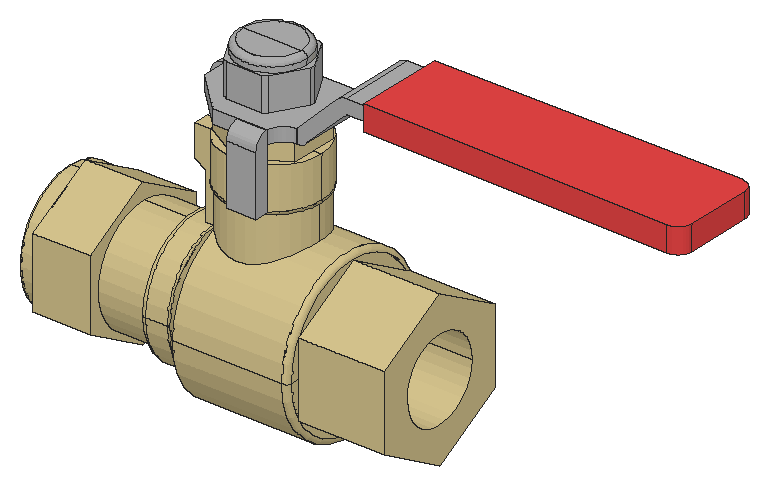
Revit family "QA11030000", category Apparecchi idraulici, Revit 2016
Family settings
  Tipo di parte = Normale
  Quota connettore circolare = Usa diametro
  Numero OmniClass = 23.45.00.00
  Titolo OmniClass = Sanitary, Laundry, and Cleaning Equipment
  Basato su piano di lavoro = No
  Sempre verticale = Sì
  Taglio con vuoti quando caricato = No
  Condiviso = No
  Punto di calcolo locali = No
Parameters
  URL = "https://web.cimberio.it/index.php/figura/202?subcategoria_id=42864"
  DN Model [instance] = QA11033110 : QA11033110
  DN [instance] = 15 mm
Reference planes
  plane 1 "Centro (Fronte/Retro)": y = 0
  plane 2: z = 0
  plane 3 "Centro (Sinistra/Destra)": x = 0
Dimensions and locks
  aligned and locked: level to plane 2
Nested families
  nested 1: "QA11033110" at (0, 0, 0), type <- "DN Model", type "QA11033110"
    with DN 10 mm
  nested 2: "QA11033110" at (0, 0, 0), type <- "DN Model", type "QA11033110"
    with DN 10 mm
  nested 3: "QA11033110" at (0, 0, 0), type <- "DN Model", type "QA11033110"
    with DN 10 mm
  nested 4: "QA11033110" at (0, 0, 0), type <- "DN Model", type "QA11033110"
    with DN 10 mm
  nested 5: "QA11033110" at (0, 0, 0), type <- "DN Model", type "QA11033110"
    with DN 10 mm
  nested 6: "QA11033110" at (0, 0, 0), type <- "DN Model", type "QA11033110"
    with DN 10 mm
  nested 7: "QA11033110" at (0, 0, 0), type <- "DN Model", type "QA11033110"
    with DN 10 mm
  nested 8: "QA11033110" at (0, 0, 0), type <- "DN Model", type "QA11033110"
    with DN 10 mm
Connectors
  piping at (30.343, 0, 0), diameter 15, driven by "DN"
    settings: on nested 1, index 1, connector inside diameter 609.6 mm, connector length 0 mm, flow factor 0, pipe flow 0.0 L/s, pressure drop 0.0 Pa, fitting loss kfactor 0, connector angle 0.00°, fixture units 0, engagement length 0 mm, angle of deflection 0.00°, flow configuration 0, flow direction 0, fitting loss method 0, system type 7, joint type 0, gender type 0, connector reference index -1, connector utility 0, adjustable connector no, is connector primary yes, connector description ""
  piping at (-34.048, 0, 0), diameter 15, driven by "DN"
    settings: on nested 1, index 2, connector inside diameter 609.6 mm, connector length 0 mm, flow factor 0, pipe flow 0.0 L/s, pressure drop 0.0 Pa, fitting loss kfactor 0, connector angle 0.00°, fixture units 0, engagement length 0 mm, angle of deflection 0.00°, flow configuration 0, flow direction 0, fitting loss method 0, system type 7, joint type 0, gender type 0, connector reference index -1, connector utility 0, adjustable connector no, is connector primary no, connector description ""
Definition of nested family "QA11033110"
  Parameters (values of type "QA11033110")
    DN [instance] = 10 mm  # constant formula
  Reference planes
    plane 1 "Centro (Fronte/Retro)": y = 0
    plane 2: z = 0
    plane 3 "Centro (Sinistra/Destra)": x = 0
  Forms (mm)
    Revolve 1, solid
      sketch origin (0, 0, 0) x (1, 0, 0) y (0, 1, 0)
        loop
          line (-14.5, 7.5) -> (14.6, 7.5) -> (14.6, 14)
          arc (14.6, 14) -> (14.307, 14.707) -> (13.6, 15) r 1
          line (13.6, 15) -> (-6.25, 15) -> (-8.888, 12.362)
          arc (-8.888, 12.362) -> (-9.236, 12.095) -> (-9.664, 12) r 1.013
          line (-9.664, 12) -> (-13.5, 12)
          arc (-13.5, 12) -> (-14.207, 11.707) -> (-14.5, 11) r 1
          line (-14.5, 11) -> (-14.5, 7.5)
        axis (-14.5, 0) -> (14.6, 0)
      angle from 0 to 360
    Revolve 2, solid
      sketch origin (0, 0, 0) x (1, 0, 0) y (0, 0, 1)
        loop
          line (-14.139, 10.375) -> (-26.587, 10.375) -> (-26.587, 7.5) -> (-14.139, 7.5) -> (-14.139, 10.375)
        axis (-26.587, 0) -> (-14.139, 0)
      angle from 0 to 360
    Extrusion 3, solid
      sketch origin (-9.918, 0, 0) x (0, 0, 1) y (0, 1, 0)
        loop
          circle (0, 0) r 7.5
        loop
          line (13.25, 0) -> (6.38, 11.9) -> (-6.38, 11.9) -> (-13.25, 0) -> (-6.38, -11.9) -> (6.38, -11.9) -> (13.25, 0)
      from 13.63 to 24.13
    Extrusion 4, solid
      sketch origin (11, 0, 0) x (0, 0, 1) y (0, -1, 0)
        loop
          circle (0, 0) r 7.5
        loop
          line (14, 0) -> (6.783, 12.5) -> (-6.783, 12.5) -> (-14, 0) -> (-6.783, -12.5) -> (6.783, -12.5) -> (14, 0)
      from 3.6 to 19.343
    Revolve 5, solid
      sketch origin (1.082, 0, 0) x (1, 0, 0) y (0, 0, 1)
        loop
          line (-35.13, 11.5) -> (-37.63, 11.5)
          arc (-37.63, 11.5) -> (-37.998, 11.287) -> (-38.13, 10.883) r 0.596
          line (-38.13, 10.883) -> (-38.13, 7.5) -> (-35.13, 7.5) -> (-35.13, 11.5)
        axis (-38.13, 0) -> (-35.13, 0)
      angle from 0 to 360
    Revolve 6, solid
      sketch origin (0, 0, 0) x (1, 0, 0) y (0, 0, 1)
        loop
          line (0.063, 29.299) -> (0.063, 11.623) -> (8.5, 11.623) -> (8.5, 21)
          arc (8.5, 21) -> (8.863, 21.294) -> (9, 21.742) r 0.8
          line (9, 21.742) -> (9, 29.299) -> (0.063, 29.299)
        axis (0.063, 11.623) -> (0.063, 29.299)
      angle from 0 to 360
    Extrusion 7, solid
      sketch origin (0, 0, 0) x (1, 0, 0) y (0, 0, 1)
        loop
          line (-13, 27.288) -> (-13, 21.5) -> (-11, 20.345) -> (-11, 10.345) -> (-7.86, 10.345) -> (-7.86, 27.288) -> (-13, 27.288)
      from -1.5 to 1.5
    Extrusion 8, solid
      sketch origin (0, 0, 28.55) x (1, 0, 0) y (0, 1, 0)
        loop
          line (0, 8.66) -> (-7.5, 4.33) -> (-7.5, -4.33) -> (0, -8.66) -> (7.5, -4.33) -> (7.5, 4.33) -> (0, 8.66)
      from 0.749 to 4.75
    Extrusion 9, solid
      sketch origin (0, 0, 28.55) x (1, 0, 0) y (0, 1, 0)
        loop
          circle (0, 0) r 7.5
      from 4.75 to 5.75
    Extrusion 10, solid
      sketch origin (0, 0, 28.55) x (1, 0, 0) y (0, 1, 0)
        loop
          line (-10, 7) -> (-10, -2.9) -> (-2.9, -10) -> (7, -10)
          arc (7, -10) -> (7.879, -7.879) -> (10, -7) r 3
          line (10, -7) -> (10, 7) -> (-10, 7)
      from 5.75 to 8.25
    Extrusion 11, solid
      sketch origin (0, 0, 0) x (1, 0, 0) y (0, 0, 1)
        loop
          arc (-10, 36.8) -> (-11.768, 36.068) -> (-12.5, 34.3) r 2.5
          line (-12.5, 34.3) -> (-12.5, 25.455) -> (-10, 25.455) -> (-10, 36.8)
      from -7 to -1.5
    Extrusion 12, solid
      sketch origin (-11, 0, 0) x (0, 0, 1) y (0, 1, 0)
        loop
          line (36.8, -10) -> (23.3, -10) -> (23.3, -12.5) -> (34.3, -12.5)
          arc (34.3, -12.5) -> (36.068, -11.768) -> (36.8, -10) r 2.5
      from -18 to -12.6
    Extrusion 13, solid
      sketch origin (0, 0, 0) x (1, 0, 0) y (0, 0, 1)
        loop
          line (10, 36.8) -> (10, 34.3)
          arc (10, 34.3) -> (10.957, 34.49) -> (11.768, 35.032) r 2.5
          line (11.768, 35.032) -> (19.036, 42.3) -> (22.997, 42.3) -> (22.997, 44.8) -> (19.036, 44.8)
          arc (19.036, 44.8) -> (18.079, 44.61) -> (17.268, 44.068) r 2.5
          line (17.268, 44.068) -> (10, 36.8)
      from -7 to 7
    Extrusion 14, solid
      sketch origin (0, 0, 28.55) x (1, 0, 0) y (0, 1, 0)
        loop
          line (22.997, -8) -> (78.497, -8.484)
          arc (78.497, -8.484) -> (80.265, -7.752) -> (80.997, -5.984) r 2.5
          line (80.997, -5.984) -> (80.997, 5.962)
          arc (80.997, 5.962) -> (80.259, 7.746) -> (78.476, 8.484) r 2.522
          line (78.476, 8.484) -> (22.997, 8) -> (22.997, -8)
      from 12.75 to 17.25
    Extrusion 15, solid
      sketch origin (0, 0, 28.55) x (0.905282, 0.424811, 0) y (-0.424811, 0.905282, 0)
        loop
          arc (-6.35, 3.498) -> (-6.563, 3.08) -> (-6.749, 2.649) r 7.25
          line (-6.749, 2.649) -> (-6.204, -3.751)
          arc (-6.204, -3.751) -> (-5.949, -4.144) -> (-5.668, -4.52) r 7.25
          line (-5.668, -4.52) -> (0.146, -7.249)
          arc (0.146, -7.249) -> (0.614, -7.224) -> (1.08, -7.169) r 7.25
          line (1.08, -7.169) -> (6.35, -3.498)
          arc (6.35, -3.498) -> (6.563, -3.08) -> (6.749, -2.649) r 7.25
          line (6.749, -2.649) -> (6.204, 3.751)
          arc (6.204, 3.751) -> (5.949, 4.144) -> (5.668, 4.52) r 7.25
          line (5.668, 4.52) -> (-0.146, 7.249)
          arc (-0.146, 7.249) -> (-0.614, 7.224) -> (-1.08, 7.169) r 7.25
          line (-1.08, 7.169) -> (-6.35, 3.498)
      from 8.25 to 14.25
    Revolve 16, solid
      sketch origin (0, 0, 0) x (1, 0, 0) y (0, 0, 1)
        loop
          line (0, 44.8) -> (0, 42.8) -> (6.25, 42.8) -> (6.25, 43.8)
          arc (6.25, 43.8) -> (5.958, 44.506) -> (5.252, 44.8) r 1
          line (5.252, 44.8) -> (0, 44.8)
        axis (0, 44.8) -> (0, 42.8)
      angle from 0 to 360
  Dimensions and locks
    aligned and locked: level to plane 2
